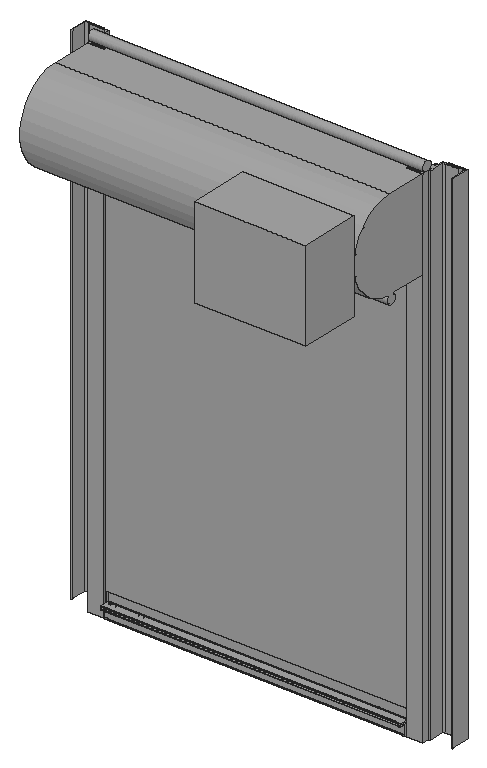
Revit family
Parameters (values of type "Motor Operated, Stainless Steel")
  Spec Wizard = "http://www.clopaydoor.com/Quick-Specs-Wizard.aspx"
  Sizing Disclaimer = "30’ wide, 30’ high standard construction. Large Openings to 50’ wide, 40’ high consult factory. "  # constant formula
  Sales Information = "http://www.clopaydoor.com/where-to-buy.aspx?type=dealer&stype=commercial"
  Product Features and Benefits = "http://www.clopaydoor.com/sliding-applications.aspx"
  Mounting = "Between Jambs"  # constant formula
  Motor = yes
  Manufacturer Phone Number = "1-800-526-4301"  # constant formula
  Manufacturer Address = "1400 W. Market St., Troy, OH 45373"  # constant formula
  Manufacture Website = "http://www.clopaydoor.com"
  Function = (empty or 0)
  File Revision = "00 (Feb, 2011)"  # constant formula
  Curtain 2 5/8" slat = Stainless steel (curtain only)
  Chain = no
  CAD and Specifications = "http://www.clopaydoor.com/sliding-specs.aspx"
  Bottom Bar = Stainless steel (non-curtain components)
  Guides = Stainless steel (non-curtain components)
  Hood = Stainless steel (non-curtain components)
  URL = "http://www.clopaydoor.com"
  Subcategory = "Roll up"  # constant formula
  Optional Powder Coated Finish, standard RAL colors, Galv. Steel only = no
  Operator = Operator : Motor Operator
  Operator Width = (Width - 2 * 0' 2 1/4")  # 5' - 7 1/2"
  Operation = ""
  From Coil Side Operate on Right = yes
  From Coil Side Operate on Left = not(From Coil Side Operate on Right)  # no
  Model = "CERD10 "  # constant formula
  Manufacturer = "Clopay Building Products Company"  # constant formula
  Height = 8' - 0"
  Wall Closure = (empty or 0)
  Width = 6' - 0"
  Description = "Rated physical fire barriers, also security and access control. Not for part of required means of egress. "  # constant formula
  Operator Height = Height / 1.5  # 5' - 4"
  Assembly Code = "B2030410"
  95 CSI = "08330"  # constant formula
  Wall Construction = "Masonry or Steel"  # constant formula
  Listings = "UL Classified 4, 3, 1 ½, 1 and ¾ hour labels. Factory Mutual approval listing."  # constant formula
  Smoke Control = "UL leakage rated assembly “S” label available. "  # constant formula
  Windload = "A full range of specific wind load requirements available - consult Clopay."  # constant formula
  Coil Dimension Note = "14In to 25In -  Consult Clopay when dimensions are critical."  # constant formula
  Jamb Dimension Note = "7 3/4In to 11In wide. Consult Clopay when dimensions are critical."  # constant formula
  04 CSI = "08 33 00"  # constant formula
Types (4): name | Motor | Curtain 2 5/8" slat | Chain | Bottom Bar | Guides | Hood | Operator
  Hand-Chain Operated, Galvanized Steel | no | Galvanized steel (curtain only) | yes | Galvanized or plain steel(non curtain components) | Galvanized or plain steel(non curtain components) | Galvanized or plain steel(non curtain components) | Operator : Hand-Chain
  Hand-Chain Operated, Stainless Steel | no | Stainless steel (curtain only) | yes | Stainless steel (non-curtain components) | Stainless steel (non-curtain components) | Stainless steel (non-curtain components) | Operator : Hand-Chain
  Motor Operated, Galvanized Steel | yes | Galvanized steel (curtain only) | no | Galvanized or plain steel(non curtain components) | Galvanized or plain steel(non curtain components) | Galvanized or plain steel(non curtain components) | Operator : Motor Operator
  Motor Operated, Stainless Steel | yes | Stainless steel (curtain only) | no | Stainless steel (non-curtain components) | Stainless steel (non-curtain components) | Stainless steel (non-curtain components) | Operator : Motor Operator
Reference planes (in)
  plane 1 "Center (Front/Back)": y = 0
  plane 2 "Center (Left/Right)": x = 36
  plane 3 "Left": x = 0
  plane 4 "Right": x = 72
  plane 5 "Top": z = 96
  plane 6 "Wall Edge": y = -3
  plane 7 "Left Edge of Hood": x = -6.75
  plane 8: y = -3
  plane 9 "Right Edge of Hood": x = 78.75
  plane 10 "Top of Hood": z = 118.35156
  plane 11: y = -21
  plane 12: z = 101
  plane 13 "Bottom Bar Alignment": y = -4.8765
  plane 14: z = 4.39975
  plane 15: y = -2.12013
  plane 16: x = 6.25135
  plane 17: x = 65.74865
  plane 18: x = 4.9375
  plane 19: z = 4.39975
  plane 20: x = 69.75
  plane 21: y = -10.65733
  plane 22: y = -18.31465
  plane 23: z = 87.32422
  plane 24: z = 78.64844
  plane 25: x = -3
  plane 26: y = -19.12488
  plane 27: y = -30.49988
  plane 28: y = -19.12488
Forms (in)
  Sweep 1, solid, material "Stainless steel (non-curtain components)" <- "Hood"
    path origin (0, -3, -22) x (-1, 0, 0) y (0, 0, 1)
      loop
        line (-67.5, 101) -> (-4.5, 101)
    profile "Profile_Hood : Profile_Hood" origin (36, -3, 79) x (0, 0, 1) y (0, 1, 0)
      loop
        line (17.00521, 1.875) -> (0, 1.875) -> (0, -7.16941)
        arc (0, -7.16941) -> (-1.75191, -7.3972) -> (0, -7.625) r 0.89077
        arc (0, -7.625) -> (8.5, -16.125) -> (17, -7.625) r 8.5
        line (17, -7.625) -> (17, 0.77714)
        arc (17, 0.77714) -> (18.75706, 0.97356) -> (17.00521, 1.21203) r 0.89077
        line (17.00521, 1.21203) -> (17.00521, 1.875)
  Sweep 2, solid, material "Stainless steel (non-curtain components)" <- "Bottom Bar"
    path origin (-1.26514, -3, 48) x (-1, 0, 0) y (0, 0, 1)
      loop
        line (-65.51514, -48) -> (-9.01514, -48)
    profile "Profile_BottomBar : Profile_BottomBar" origin (36, -3, 0) x (0, 0, 1) y (0, 1, 0)
      loop
        arc (2.58725, 1.01891) -> (2.54306, 1.03721) -> (2.52475, 1.08141) r 0.0625
        line (2.52475, 1.08141) -> (2.52475, 2.83141)
        arc (2.52475, 2.83141) -> (2.50644, 2.8756) -> (2.46225, 2.89391) r 0.0625
        line (2.46225, 2.89391) -> (2.39975, 2.89391) -> (2.39975, 0.89391) -> (2.33875, 0.89391) -> (2.33875, 1.03591)
        arc (2.33875, 1.03591) -> (2.24825, 1.12641) -> (2.15775, 1.03591) r 0.0905
        line (2.15775, 1.03591) -> (2.15775, 0.94141) -> (2.09375, 0.94141) -> (2.09375, 2.72516) -> (1.96875, 2.72516) -> (1.96875, 1.97516)
        arc (1.96875, 1.97516) -> (1.93214, 1.88677) -> (1.84375, 1.85016) r 0.125
        line (1.84375, 1.85016) -> (0.25, 1.85016)
        arc (0.25, 1.85016) -> (0.07322, 1.77693) -> (0, 1.60016) r 0.25
        line (0, 1.60016) -> (0, 0.10016)
        arc (0, 0.10016) -> (0.07322, -0.07662) -> (0.25, -0.14984) r 0.25
        line (0.25, -0.14984) -> (1.84375, -0.14984)
        arc (1.84375, -0.14984) -> (1.93214, -0.18646) -> (1.96875, -0.27484) r 0.125
        line (1.96875, -0.27484) -> (1.96875, -1.02484) -> (2.09375, -1.02484) -> (2.09375, 0.81641) -> (2.15775, 0.81641) -> (2.15775, 0.72191)
        arc (2.15775, 0.72191) -> (2.24825, 0.63141) -> (2.33875, 0.72191) r 0.0905
        line (2.33875, 0.72191) -> (2.33875, 0.86391) -> (2.39975, 0.86391) -> (2.39975, -1.13609) -> (2.46225, -1.13609)
        arc (2.46225, -1.13609) -> (2.50644, -1.11779) -> (2.52475, -1.07359) r 0.0625
        line (2.52475, -1.07359) -> (2.52475, 0.67641)
        arc (2.52475, 0.67641) -> (2.54306, 0.7206) -> (2.58725, 0.73891) r 0.0625
        line (2.58725, 0.73891) -> (4.33725, 0.73891)
        arc (4.33725, 0.73891) -> (4.38144, 0.75721) -> (4.39975, 0.80141) r 0.0625
        line (4.39975, 0.80141) -> (4.39975, 0.95641)
        arc (4.39975, 0.95641) -> (4.38144, 1.0006) -> (4.33725, 1.01891) r 0.0625
        line (4.33725, 1.01891) -> (2.58725, 1.01891)
  Extrusion 3, solid, material "Stainless steel (non-curtain components)" <- "Hood"
    sketch origin (0, -0.73439, 101.99245) x (1, 0, 0) y (0, 1, 0)
      loop
        line (4.9375, -0.39061) -> (67.0625, -0.39061) -> (67.0625, -0.26561) -> (4.9375, -0.26561) -> (4.9375, -0.39061)
    from -23.34401 to -5.99245
  Extrusion 4, solid, material "Stainless steel (curtain only)" <- "Curtain 2 5/8" slat"
    sketch origin (0, 0, 0) x (1, 0, 0) y (0, 1, 0)
      loop
        line (5.5625, -1.875) -> (5.5625, -2.5) -> (66.4375, -2.5) -> (66.4375, -1.875) -> (5.5625, -1.875)
    from 4.39975 to 78.64844
Lines and regions (in)
  Opening 1
    outline origin (-90, -3, 0) x (1, 0, 0) y (0, 0, 1)
      loop
        line (90, 0) -> (162, 0) -> (162, 96) -> (90, 96) -> (90, 0)
  symbolic lines, style "Roller Chamber"
    curve 1: line (4.5, -3, 0) -> (0, -3, 0)
    curve 2: line (72, -3, 0) -> (67.5, -3, 0)
Text (in)
  text "Exterior" at (-74.96733, 27.31104, 0), in view "Ref. Level"
  text "Interior" at (-74.96733, -25.14366, 0), in view "Ref. Level"
  text "Exterior" at (0, 40.15149, 123.01588), in view "Right"
  text "Interior" at (0, -64.39139, 123.01588), in view "Right"
  text "Interior" at (0, -63.63426, 123.00693), in view "Left"
  text "Exterior" at (0, 54.57065, 123.00693), in view "Left"
Dimensions and locks (in)
  equal spacing: plane 3 "Left", plane 2 "Center (Left/Right)", plane 4 "Right"
  "Height": level to plane 5 "Top"
  "Width": plane 3 "Left" to plane 4 "Right"
  locked: plane 7 "Left Edge of Hood" to plane 3 "Left" at 6.75
  locked: plane 8 to plane 6 "Wall Edge"
  locked: plane 9 "Right Edge of Hood" to plane 4 "Right" at 6.75
  locked: plane 8 to plane 11 at 18
  locked: plane 12 to plane 5 "Top" at 5
  locked: plane 10 "Top of Hood" to plane 12 at 17.35156
  locked: plane 13 "Bottom Bar Alignment" to plane 8 at 1.8765
  locked: level to plane 14 at 4.39975
  locked: plane 15 to host wall at 2.12013
  locked: plane 3 "Left" to plane 16 at 6.25135
  locked: plane 17 to plane 4 "Right" at 6.25135
  locked: Extrusion 3 sketch curve to Extrusion 3 sketch curve at 0.125
  locked: Extrusion 3 to Extrusion 3 at 0.125
  locked: plane 18 to plane 16 at 1.31385
  locked: level to plane 19 at 4.39975
  Extrusion 3 to Extrusion 3 = 1' - 5 45/128"
  equal spacing: Sweep 1, plane 20, plane 4 "Right"
  equal spacing: plane 6 "Wall Edge", plane 21, plane 22
  locked: plane 8 to plane 22 at 15.31465
  equal spacing: plane 5 "Top", plane 23, plane 24
  locked: plane 5 "Top" to plane 24 at 17.35156
  plane 25 to plane 3 "Left" to Sweep 1 = 0' - 3", 0' - 4 1/2"
  locked: plane 11 to plane 26 at 1.87512
  locked: Sweep 1 to Extrusion 3 sketch curve at 0
  locked: plane 18 to Extrusion 4 sketch curve at 0.625
  locked: Extrusion 4 sketch curve to nested 2 at 0.625
  locked: nested 2 to Extrusion 4 sketch curve at 0.25
  locked: Extrusion 4 sketch curve to Extrusion 4 sketch curve at 0.625
  Sweep 1 to Sweep 1 = 1' - 5"
  locked: plane 28 to plane 27 at 11.375
  locked: host wall to plane 28 at 16.12488
  aligned and locked: plane 3 "Left" to Opening 1 sketch curve
  aligned and locked: plane 5 "Top" to Opening 1 sketch curve  (x2)
  aligned and locked: Opening 1 sketch curve to plane 4 "Right"
  aligned and locked: Opening 1 sketch curve to level
  aligned and locked: plane 6 "Wall Edge" to host wall
  aligned and locked: plane 8 to nested 1
  aligned and locked: nested 2 to plane 8
  aligned and locked: nested 1 to Sweep 1 sketch curve
  aligned and locked: nested 2 to Sweep 1 sketch curve
  aligned and locked: plane 3 "Left" to nested 1
  aligned and locked: plane 4 "Right" to nested 2
  aligned and locked: plane 18 to nested 1
  aligned and locked: nested 1 to Extrusion 3
  aligned and locked: Extrusion 3 to nested 2
  aligned and locked: nested 2 to Sweep 2 sketch curve
  aligned and locked: nested 1 to Sweep 2 sketch curve
  aligned and locked: plane 3 "Left" to curve 1
  aligned and locked: Sweep 1 to curve 1
  aligned and locked: plane 6 "Wall Edge" to curve 1
  aligned and locked: plane 4 "Right" to curve 2
  aligned and locked: plane 6 "Wall Edge" to curve 2
  aligned and locked: Extrusion 4 to plane 19
  aligned and locked: Extrusion 4 to plane 24
  aligned and locked: plane 26 to nested 3  (x2)
  aligned and locked: nested 3 to plane 5 "Top"
  aligned and locked: plane 27 to nested 3
  aligned and locked: plane 28 to nested 3
  aligned and locked: Sweep 1 to plane 5 "Top"
  aligned and locked: plane 2 "Center (Left/Right)" to nested 3
  aligned and locked: plane 24 to Extrusion 3
  aligned and locked: Extrusion 3 to plane 5 "Top"
  aligned and locked: Sweep 1 to curve 2
Automatic sketch dimensions
  Sweep 1 sketch curve to plane 24 = 0' - 0 45/128"
  Sweep 2 sketch curve to level = 0' - 0"
  Extrusion 3 sketch curve to plane 18 = 0' - 0"
  plane 17 to Extrusion 3 sketch curve = 0' - 1.31385"
Nested families (in)
  nested 1: "Jamb_Guide-Wall" at (2.25, 1.75, 0), type "Guide"
    with Height 8' - 0"
  nested 2: "Jamb_Guide-Wall" at (69.75, 1.75, 0) x (-1, 0, 0) z (0, 0, 1), type "Guide"
    with Height 8' - 0"
  nested 3: "Operator" at (36, -1.12488, 23.50391), type <- "Operator", type "Motor Operator"
Definition of nested family "Jamb_Guide-Wall"
  Parameters (values of type "Guide")
    Height = 10' - 0"
    Guide = none
    Assembly Code = ""
  Reference planes (in)
    plane 1 "Center (Front/Back)": y = 0
    plane 2: z = 0
    plane 3 "Center (Left/Right)": x = 0
    plane 4: z = 120
    plane 5 "Center Line": x = 4.5
    plane 6: y = -0.25
    plane 7: y = -3.75
    plane 8: y = -3.5
    plane 9: x = 5.5
    plane 10: x = -2.25
    plane 11: y = 0.25
    plane 12: y = -4.75
    plane 13: y = -2.25
  Forms (in)
    Extrusion 1, solid, material <- "Guide"
      sketch origin (0, 0, 0) x (1, 0, 0) y (0, 1, 0)
        loop
          line (-1, -0.25) -> (1.625, -0.25)
          arc (1.625, -0.25) -> (1.89017, -0.35983) -> (2, -0.625) r 0.375
          line (2, -0.625) -> (2, -3.25)
          arc (2, -3.25) -> (2.07322, -3.42678) -> (2.25, -3.5) r 0.25
          line (2.25, -3.5) -> (2.25, -4.75) -> (5.25, -4.75)
          arc (5.25, -4.75) -> (5.17678, -4.57322) -> (5, -4.5) r 0.25
          line (5, -4.5) -> (2.875, -4.5)
          arc (2.875, -4.5) -> (2.60983, -4.39017) -> (2.5, -4.125) r 0.375
          line (2.5, -4.125) -> (2.5, -3.062) -> (4, -3.062) -> (4, -3.4375) -> (4.75, -3.4375) -> (4.75, -3.062) -> (5.5, -3.062)
          arc (5.5, -3.062) -> (5.44508, -2.92942) -> (5.3125, -2.8745) r 0.1875
          line (5.3125, -2.8745) -> (3, -2.8745)
          arc (3, -2.8745) -> (2.77903, -2.78297) -> (2.6875, -2.562) r 0.3125
          line (2.6875, -2.562) -> (2.6875, -1.2495)
          arc (2.6875, -1.2495) -> (2.63258, -1.11692) -> (2.5, -1.062) r 0.1875
          line (2.5, -1.062) -> (2.5, -1.5)
          arc (2.5, -1.5) -> (2.42678, -1.32322) -> (2.25, -1.25) r 0.25
          line (2.25, -1.25) -> (2.25, 0) -> (-1.25, 0)
          arc (-1.25, 0) -> (-1.17678, -0.17678) -> (-1, -0.25) r 0.25
      from 0 to 120
    Extrusion 2, solid, material <- "Guide"
      sketch origin (0, 0.25, 0) x (-1, 0, 0) y (0, -1, 0)
        loop
          arc (-1, 0.25) -> (-1.17678, 0.17678) -> (-1.25, 0) r 0.25
          line (-1.25, 0) -> (2.25, 0) -> (2.25, 3.5)
          arc (2.25, 3.5) -> (2.07322, 3.42678) -> (2, 3.25) r 0.25
          line (2, 3.25) -> (2, 0.625)
          arc (2, 0.625) -> (1.89017, 0.35983) -> (1.625, 0.25) r 0.375
          line (1.625, 0.25) -> (-1, 0.25)
      from 0 to 120
  Lines and regions (in)
    symbolic lines
      curve 1: line (2.25, 0, 0) -> (2.25, -4.75, 0)
      curve 2: line (2.5, -3.5, 0) -> (2.5, -1.5, 0)
      curve 3: line (4, -3.062, 0) -> (4.75, -3.062, 0)
  Dimensions and locks (in)
    "Height": plane 4 to plane 2
    locked: plane 3 "Center (Left/Right)" to plane 5 "Center Line" at 4.5
    equal spacing: plane 11, plane 13, plane 12
    aligned and locked: plane 2 to level
    aligned and locked: plane 1 "Center (Front/Back)" to Extrusion 1 sketch curve
    aligned and locked: plane 6 to Extrusion 1
    aligned and locked: plane 4 to Extrusion 1
    aligned and locked: curve 1 to Extrusion 1  (x2)
    aligned and locked: plane 1 "Center (Front/Back)" to curve 1
    aligned and locked: plane 8 to curve 2
    aligned and locked: Extrusion 1 to curve 2
    aligned and locked: Extrusion 1 to curve 3
    aligned and locked: curve 3 to Extrusion 1
    aligned and locked: plane 4 to Extrusion 2
  Automatic sketch dimensions
    curve 3 to plane 8 = 0' - 0.438"
    curve 2 to plane 6 = 0' - 1 1/4"
    Extrusion 1 sketch curve to plane 6 = 0' - 0"
    Extrusion 1 sketch curve to plane 8 = 0' - 0"
    Extrusion 1 sketch curve to plane 3 "Center (Left/Right)" = 0' - 1 1/4"
    Extrusion 1 sketch curve to plane 6 = 0' - 0 3/8"
    plane 3 "Center (Left/Right)" to Extrusion 1 sketch curve = 0' - 1 5/8"
    Extrusion 1 sketch curve to Extrusion 1 sketch curve = 0' - 0 1/4"  (x5)
    Extrusion 1 sketch curve to Extrusion 1 sketch curve = 0' - 0 3/16"  (x2)
    Extrusion 1 sketch curve to Extrusion 1 sketch curve = 0' - 0 3/8"
    Extrusion 1 sketch curve to Extrusion 1 sketch curve = 0' - 0 5/16"
    Extrusion 1 sketch curve to plane 5 "Center Line" = 0' - 0 1/2"
    plane 5 "Center Line" to Extrusion 1 sketch curve = 0' - 0 1/4"
    plane 5 "Center Line" to Extrusion 1 sketch curve = 0' - 0 1/2"
    Extrusion 1 sketch curve to Extrusion 1 sketch curve = 0' - 0 9/16"
    plane 7 to Extrusion 1 sketch curve = 0' - 0 3/8"
    Extrusion 1 sketch curve to plane 8 = 0' - 0 1/16"
    Extrusion 1 sketch curve to Extrusion 1 sketch curve = 0' - 0.3755"  (x2)
    Extrusion 1 sketch curve to Extrusion 1 sketch curve = 0' - 0 7/8"
    Extrusion 1 sketch curve to Extrusion 1 sketch curve = 0' - 0.2505"
    Extrusion 2 sketch curve to plane 1 "Center (Front/Back)" = 0' - 0 1/4"
    plane 6 to Extrusion 2 sketch curve = 0' - 0 1/4"
    plane 3 "Center (Left/Right)" to Extrusion 2 sketch curve = 0' - 1 1/4"
    Extrusion 2 sketch curve to plane 6 = 0' - 0 1/8"
    Extrusion 2 sketch curve to plane 3 "Center (Left/Right)" = 0' - 1 5/8"
    Extrusion 2 sketch curve to plane 8 = 0' - 0 1/4"
    Extrusion 2 sketch curve to Extrusion 2 sketch curve = 0' - 0 1/4"
Definition of nested family "Operator"
  Parameters (values of type "Motor Operator")
    Width = 6' - 0"
    Straight = no
    Right Visibility = yes
    Operator Height = 5' - 4"
    Motor Visibility = not(Motor)  # no
    Motor = yes
    Material = Galvanized or plain steel(non curtain components)
    Left Visibility = no
    Chain = no
    Bottom Bar = Galvanized or plain steel(non curtain components)
    Assembly Code = ""
  Types (2): name | Straight | Motor Visibility | Motor | Chain
    Hand-Chain | yes | yes | no | yes
    Motor Operator | no | no | yes | no
  Reference planes (in)
    plane 1 "Center (Front/Back)": y = 0
    plane 2: z = 0
    plane 3 "Center (Left/Right)": x = 0
    plane 4: x = 36
    plane 5: x = -36
    plane 6: x = 31.5
    plane 7: x = -31.5
    plane 8: y = -18
  Lines and regions (in)
    symbolic lines, style "GenericModelHiddenLines", visible <- "Right Visibility"
      curve 1: line (-31.5, -18, 0) -> (10.5, -18, 0)
    symbolic lines, style "GenericModelHiddenLines", visible <- "Left Visibility"
      curve 2: line (-10.5, -18, 0) -> (31.5, -18, 0)
    symbolic lines, style "GenericModelHiddenLines", visible <- "Straight"
      curve 3: line (-31.5, -18, 0) -> (31.5, -18, 0)
    symbolic lines, style "GenericModelHiddenLines", visible <- "Motor Visibility"
      curve 4: line (-31.5, -18, 0) -> (31.5, -18, 0)
    symbolic lines, style "GenericModelHiddenLines"
      curve 5: line (-31.5, -18, 0) -> (-31.5, -1.875, 0)
      curve 6: line (31.5, -18, 0) -> (31.5, -1.875, 0)
  Dimensions and locks (in)
    equal spacing: plane 5, plane 3 "Center (Left/Right)", plane 4
    "Width": plane 5 to plane 4
    locked: plane 6 to plane 4 at 4.5
    locked: plane 5 to plane 7 at 4.5
    locked: plane 1 "Center (Front/Back)" to plane 8 at 18
    locked: curve 5 to plane 1 "Center (Front/Back)" at 1.875
    locked: curve 6 to plane 1 "Center (Front/Back)" at 1.875
    aligned and locked: nested 2 to nested 1  (x2)
    aligned and locked: nested 3 to plane 8
    aligned and locked: nested 2 to plane 8
    aligned and locked: nested 1 to plane 6
    aligned and locked: nested 3 to plane 7
    aligned and locked: nested 4 to plane 7
    aligned and locked: nested 4 to plane 8
    aligned and locked: nested 1 to curve 1
    aligned and locked: curve 1 to plane 8
    aligned and locked: nested 4 to curve 2
    aligned and locked: curve 2 to plane 8
    aligned and locked: plane 6 to curve 4
    aligned and locked: curve 5 to plane 7
    aligned and locked: plane 8 to curve 6
  Nested families (in)
    nested 1: "Pull-Down-Pole" at (37.375, -8.5, 0), visible <- "Right Visibility", type "Right Operator"
    nested 2: "Motor" at (10.5, -18, 0), visible <- "Right Visibility", type "Motor"
    nested 3: "Motor" at (-31.5, -18, 0), visible <- "Left Visibility", type "Motor 2"
    nested 4: "Pull-Down-Pole" at (-37.375, -8.5, 0) x (-1, 0, 0) z (0, 0, 1), visible <- "Left Visibility", type "Left Operator"
  Definition of nested family "Pull-Down-Pole"
    Parameters (values of type "Left Operator")
      Motor = yes
      Material = Galvanized or plain steel(non curtain components)
      Height = 5' - 4"
      Chain = no
      Bottom Bar = Galvanized or plain steel(non curtain components)
      Assembly Code = ""
    Types (2): name
      Left Operator
      Right Operator
    Reference planes (in)
      plane 1 "Center (Front/Back)": y = 0
      plane 2: z = 0
      plane 3 "Center (Left/Right)": x = 0
      plane 4: z = 64
      plane 5: y = -9.5
      plane 6: y = -20.875
      plane 7: x = -26.875
    Forms (in)
      Extrusion 1, solid, material "Galvanized or plain steel(non curtain components)" <- "Material", visible <- "Motor"
        sketch origin (0, 0, 0) x (1, 0, 0) y (0, 0, 1)
          loop
            line (-26.875, 72.49609) -> (-26.875, 55.49609) -> (-5.875, 55.49609) -> (-5.875, 72.49609) -> (-26.875, 72.49609)
        from 9.5 to 20.875
      Sweep 2, solid, material "Galvanized or plain steel(non curtain components)" <- "Material", visible <- "Chain"
        path origin (0, 2, 0) x (1, 0, 0) y (0, 0, 1)
          loop
            line (-4.875, 64) -> (-4.875, 0)
            arc (-4.875, 0) -> (-3.75, -1.125) -> (-2.625, 0) r 1.125
            line (-2.625, 0) -> (-2.625, 64)
        profile origin (-4.875, 2, 32) x (0, -1, 0) y (1, 0, 0)
          loop
            circle (0, 0) r 0.15023
      Extrusion 3, solid, material "Galvanized or plain steel(non curtain components)" <- "Bottom Bar", visible <- "Chain"
        sketch origin (54.75, -180, 26.95339) x (0, 0, 1) y (0, -1, 0)
          loop
            line (28.56386, -188.5) -> (45.54661, -188.5) -> (45.54661, -179)
            arc (45.54661, -179) -> (37.31743, -170.50432) -> (28.56386, -178.45863) r 8.5
            line (28.56386, -178.45863) -> (28.56386, -188.5)
        from -56.125 to -60.625
    Dimensions and locks (in)
      "Height": plane 4 to level
      locked: Extrusion 1 sketch curve to Extrusion 1 sketch curve at 21
      locked: plane 4 to Extrusion 1 sketch curve at 8.50391
      locked: Extrusion 1 sketch curve to plane 4 at 8.49609
      locked: plane 1 "Center (Front/Back)" to plane 5 at 9.5
      locked: plane 5 to plane 6 at 11.375
      locked: Sweep 2 sketch curve to Extrusion 1 at 1
      locked: plane 3 "Center (Left/Right)" to Extrusion 3 at 1.375
      locked: Extrusion 3 to Extrusion 1 at 0
      locked: plane 3 "Center (Left/Right)" to Extrusion 1 sketch curve at 5.875
      aligned and locked: plane 5 to Extrusion 1
      aligned and locked: plane 6 to Extrusion 1
      aligned and locked: level to Sweep 2 sketch curve
      aligned and locked: plane 4 to Sweep 2 sketch curve  (x2)
    Automatic sketch dimensions
      Sweep 2 sketch curve to plane 1 "Center (Front/Back)" = 0' - 2"
      Sweep 2 sketch curve to profile plane = 0' - 0"
      Sweep 2 sketch curve to Sweep 2 sketch curve = 0' - 1 1/8"
      plane 5 to Extrusion 3 sketch curve = 0' - 7.95863"
      Extrusion 3 sketch curve to Extrusion 3 sketch curve = 0' - 8.48274"
      Extrusion 3 sketch curve to plane 4 = 0' - 8.48274"
      plane 4 to Extrusion 3 sketch curve = 0' - 8 1/2"
      Extrusion 3 sketch curve to plane 1 "Center (Front/Back)" = 0' - 8 1/2"
      radius of Sweep 2 sketch curve = 0' - 0.15023"
  Definition of nested family "Motor"
    Parameters
      Motor = yes
    Reference planes (in)
      plane 1 "Center (Front/Back)": y = 0
      plane 2: z = 0
      plane 3 "Center (Left/Right)": x = 0
    Lines and regions (in)
      symbolic lines, style "GenericModelHiddenLines", visible <- "Motor"
        curve 1: line (0, 0, 0) -> (0, -11.375, 0)
        curve 2: line (0, -11.375, 0) -> (21, -11.375, 0)
        curve 3: line (21, -11.375, 0) -> (21, 0, 0)
